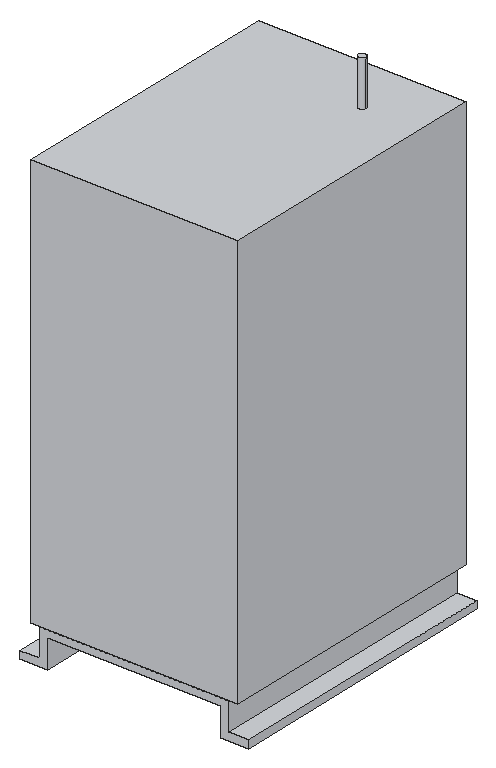
Revit family "M_Caldeira de condensação", category Equipamento mecânico, Revit 2019
Family settings
  Cota do conector redondo = Usar raio
  Tipo de parte = Normal
  Número OmniClass = 23.75.10.11.14.14
  Título OmniClass = Condensing Boilers
  ID de item do Seek = Condensing Boiler-0000-CAN-ENU
  Com base no plano de trabalho = Não
  Sempre na vertical = Sim
  Corte com vazios quando carregada = Não
  Compartilhado = Não
  Ponto de cálculo do ambiente = Não
Parameters (values of type "87 kW")
  Largura 1 = 190.5 mm
  Queda de pressão da água [instance] = 400000.0 Pa
  Fluxo da água [instance] = 2.0 L/s
  Raio da ventilação = 55 mm
  Diâmetro da ventilação = Raio da ventilação * 2  # 110 mm
  Altura da tubulação 2 = 908 mm
  Altura da tubulação 1 = 464 mm
  Comprimento 1 = 196.9 mm
  Raio da água quente = 25 mm
  Diâmetro da água quente = Raio da água quente * 2  # 50 mm
  Raio do gás = 12.5 mm
  Taxa de fluxo de gás = "0.2 kg/s"
  Diâmetro do gás = Raio do gás * 2  # 25 mm
  Altura do duto = 1356 mm
  Raio da água gelada = 25 mm
  Diâmetro da água gelada = Raio da água gelada * 2  # 50 mm
  Largura da caldeira = 959 mm
  Material do boiler = none
  Comprimento da caldeira = 699 mm
  Altura da caldeira = 1518 mm
  Assembly Code = ""
Types (6, lengths in mm): name | Largura 1 | Queda de pressão da água | Fluxo da água | Raio da ventilação | Diâmetro da ventilação | Altura da tubulação 2 | Altura da tubulação 1 | Raio da água quente | Diâmetro da água quente | Raio do gás | Taxa de fluxo de gás | Diâmetro do gás | Altura do duto | Raio da água gelada | Diâmetro da água gelada | Largura da caldeira | Comprimento da caldeira | Altura da caldeira
  145 kW | 190.5 | 400000.0 Pa | 2.0 L/s | 55 | 110 | 908 | 464 | 25 | 50 | 12.5 | "0.1 kg/s" | 25 | 1356 | 25 | 50 | 959 | 699 | 1518
  580 kW | 279.4 | 2000000.0 Pa | 6.6 L/s | 85 | 170 | 867 | 505 | 50 | 100 | 20 | "0.2 kg/s" | 40 | 1813 | 50 | 100 | 1397 | 854 | 2013
  218 kW | 190.5 | 800000.0 Pa | 2.6 L/s | 55 | 110 | 876 | 464 | 25 | 50 | 12.5 | "0.1 kg/s" | 25 | 1645 | 25 | 50 | 959 | 699 | 1896
  290 kW | 190.5 | 700000.0 Pa | 3.3 L/s | 55 | 110 | 876 | 464 | 32.5 | 65 | 10 | "0.1 kg/s" | 20 | 1645 | 32.5 | 65 | 959 | 699 | 1896
  406 kW | 254 | 650000.0 Pa | 4.2 L/s | 55 | 110 | 867 | 464 | 32.5 | 65 | 10 | "0.1 kg/s" | 20 | 1734 | 32.5 | 65 | 1270 | 854 | 2013
  87 kW | 190.5 | 400000.0 Pa | 2.0 L/s | 55 | 110 | 908 | 464 | 25 | 50 | 12.5 | "0.2 kg/s" | 25 | 1356 | 25 | 50 | 959 | 699 | 1518
Reference planes
  plane 1 "Centro (Frente/Trás)": y = 0
  plane 2: z = 0
  plane 3 "Centro (Esquerda/Direita)": x = 0
  plane 4: x = -768.85
  plane 5: y = 959
  plane 6: x = -34.925
  plane 7: x = -733.925
  plane 8: z = 120.65
  plane 9: z = 1518
  plane 10: z = 25.4
  plane 11: z = 95.25
  plane 12: x = -384.425
  plane 13: x = -676.775
  plane 14: x = -92.075
  plane 15: x = -702.175
  plane 16: x = -66.675
  plane 17: z = 464
  plane 18: z = 908
  plane 19: x = -581.525
  plane 20: z = 1356
  plane 21: y = 1035.2
  plane 22: x = -384.675
  plane 23: y = 768.5
  plane 24: x = -231.825
  plane 25: z = 1670.4
  plane 26: x = -439.675
  plane 27: x = -329.675
  plane 28: x = -556.525
  plane 29: x = -606.525
  plane 30: z = 171.45
Forms (mm)
  Extrusion 1, solid, material <- "Material do boiler"
    sketch origin (0, 0, 0) x (1, 0, 0) y (0, 1, 0)
      loop
        line (-733.925, 959) -> (-733.925, 0) -> (-34.925, 0) -> (-34.925, 959) -> (-733.925, 959)
    from 120.65 to 1518
  Extrusion 2, solid, material <- "Material do boiler"
    sketch origin (0, 0, 0) x (1, 0, 0) y (0, 0, 1)
      loop
        line (0, 25.4) -> (-66.675, 25.4) -> (-66.675, 120.65) -> (-702.175, 120.65) -> (-702.175, 25.4) -> (-768.85, 25.4) -> (-768.85, 0) -> (-676.775, 0) -> (-676.775, 95.25) -> (-92.075, 95.25) -> (-92.075, 0) -> (0, 0) -> (0, 25.4)
    from -959 to 0
  Extrusion 3, solid, material <- "Material do boiler"
    sketch origin (-121.691, 0, -8.383) x (1, 0, 0) y (0, 0, 1)
      loop
        circle (-459.834, 916.383) r 25
      loop
        circle (-459.834, 472.383) r 25
    from -1035.2 to -959
  Extrusion 4, solid, material <- "Material do boiler"
    sketch origin (0, 0, 0) x (1, 0, 0) y (0, 0, 1)
      loop
        circle (-384.675, 1356) r 55
    from -1035.2 to -959
  Extrusion 5, solid, material <- "Material do boiler"
    sketch origin (0, 0, 0) x (1, 0, 0) y (0, 1, 0)
      loop
        circle (-231.825, 768.5) r 12.5
    from 1518 to 1670.4
  Extrusion 6, solid, material <- "Material do boiler"
    sketch origin (0, 0, 0) x (1, 0, 0) y (0, 0, 1)
      loop
        circle (-384.425, 171.45) r 19.05
    from -1035.2 to -959
  Extrusion 7, solid
    sketch origin (0, 0, 0) x (0, 1, 0) y (0, 0, 1)
      loop
        line (832, 1365.6) -> (628.8, 1365.6) -> (628.8, 1111.6) -> (832, 1111.6) -> (832, 1365.6)
    from -768.85 to -733.925
  Extrusion 8, solid, material <- "Material do boiler", detail levels fine
    sketch origin (0, 0, 0) x (1, 0, 0) y (0, 0, 1)
      loop
        circle (-384.675, 1356) r 55
    from -1035.2 to -959
  Extrusion 9, solid, material <- "Material do boiler", detail levels fine
    sketch origin (0, 0, 0) x (1, 0, 0) y (0, 0, 1)
      loop
        circle (-581.525, 908) r 25
      loop
        circle (-581.525, 464) r 25
    from -1035.2 to -959
  Extrusion 10, solid, material <- "Material do boiler", detail levels fine
    sketch origin (0, 0, 0) x (1, 0, 0) y (0, 0, 1)
      loop
        circle (-384.425, 171.45) r 19.05
    from -1035.2 to -959
Cuts and joins
  joined: Extrusion 1, Extrusion 5
  joined: Extrusion 3, Extrusion 4, Extrusion 6
Lines and regions (mm)
  symbolic lines, detail levels fine
    curve 1: line (-606.525, 1035.2, 0) -> (-606.525, 959, 0)
    curve 2: line (-556.525, 1035.2, 0) -> (-556.525, 959, 0)
    curve 3: line (-439.675, 1035.2, 0) -> (-439.675, 959, 0)
    curve 4: line (-439.675, 1035.2, 0) -> (-329.675, 1035.2, 0)
    curve 5: line (-329.675, 1035.2, 0) -> (-329.675, 959, 0)
    curve 6: line (-606.525, 1035.2, 0) -> (-556.525, 1035.2, 0)
  symbolic lines, detail levels coarse+medium
    curve 7: line (-581.525, 1035.2, 0) -> (-581.525, 959, 0)
    curve 8: line (-384.675, 959, 0) -> (-384.675, 1035.2, 0)
Dimensions and locks
  "Largura da caldeira": plane 5 to plane 1 "Centro (Frente/Trás)"
  plane 6 to plane 3 "Centro (Esquerda/Direita)" = 34.925 mm
  plane 4 to plane 7 = 34.925 mm
  plane 8 to plane 2 = 120.65 mm
  "Altura da caldeira": level to plane 9
  level to plane 10 = 25.4 mm
  "Comprimento da caldeira": plane 7 to plane 6
  equal spacing: plane 3 "Centro (Esquerda/Direita)", plane 12, plane 4
  plane 13 to plane 4 = 92.075 mm
  plane 3 "Centro (Esquerda/Direita)" to plane 14 = 92.075 mm
  plane 16 to plane 14 = 25.4 mm
  plane 15 to plane 13 = 25.4 mm
  "Altura da tubulação 1": level to plane 17
  "Altura da tubulação 2": level to plane 18
  plane 7 to plane 19 = 152.4 mm
  "Altura do duto": level to plane 20
  plane 21 to plane 5 = 76.2 mm
  plane 22 to plane 7 = 349.25 mm
  "Largura 1": plane 5 to plane 23
  "Comprimento 1": plane 24 to plane 6
  plane 9 to plane 25 = 152.4 mm
  equal spacing: plane 26, plane 22, plane 27
  "Diâmetro da ventilação": plane 26 to plane 27
  equal spacing: plane 29, plane 19, plane 28
  "Diâmetro da água quente": plane 29 to plane 28
  locked: plane 30 to plane 8 at 50.8
  locked: plane 5 to Extrusion 7 sketch curve at 127
  locked: Extrusion 7 sketch curve to Extrusion 7 sketch curve at 203.2
  locked: plane 9 to Extrusion 7 sketch curve at 152.4
  locked: Extrusion 7 sketch curve to Extrusion 7 sketch curve at 254
  "Raio da água quente": radius of Extrusion 3 sketch curve
  "Raio da água gelada": radius of Extrusion 3 sketch curve
  "Raio da ventilação": radius of Extrusion 4 sketch curve
  "Raio do gás": radius of Extrusion 5 sketch curve
  radius of Extrusion 6 sketch curve = 19.05 mm
  "Raio da ventilação": radius of Extrusion 8 sketch curve
  "Raio da água gelada": radius of Extrusion 9 sketch curve
  "Raio da água quente": radius of Extrusion 9 sketch curve
  radius of Extrusion 10 sketch curve = 19.05 mm
  aligned and locked: plane 9 to Extrusion 1
  aligned and locked: Extrusion 1 to plane 8
  aligned and locked: plane 3 "Centro (Esquerda/Direita)" to Extrusion 2  (x2)
  aligned and locked: plane 10 to Extrusion 2  (x4)
  aligned and locked: Extrusion 2 to level  (x5)
  aligned and locked: Extrusion 2 to plane 11  (x2)
  aligned and locked: plane 8 to Extrusion 2  (x2)
  aligned and locked: plane 5 to Extrusion 2
  aligned and locked: plane 1 "Centro (Frente/Trás)" to Extrusion 2
  aligned and locked: Extrusion 1 to plane 7
  aligned and locked: plane 5 to Extrusion 1
  aligned and locked: plane 6 to Extrusion 1
  aligned and locked: plane 1 "Centro (Frente/Trás)" to Extrusion 1
  aligned and locked: Extrusion 2 to plane 4
  aligned and locked: plane 15 to Extrusion 2
  aligned and locked: Extrusion 2 to plane 13
  aligned and locked: Extrusion 2 to plane 14
  aligned and locked: plane 16 to Extrusion 2
  aligned and locked: plane 19 to Extrusion 3 sketch curve  (x2)
  aligned and locked: plane 18 to Extrusion 3 sketch curve
  aligned and locked: plane 17 to Extrusion 3 sketch curve
  aligned and locked: plane 21 to Extrusion 3
  aligned and locked: Extrusion 3 to plane 5
  aligned and locked: plane 20 to Extrusion 4 sketch curve
  aligned and locked: plane 22 to Extrusion 4 sketch curve
  aligned and locked: plane 21 to Extrusion 4
  aligned and locked: Extrusion 4 to plane 5
  aligned and locked: plane 23 to Extrusion 5 sketch curve
  aligned and locked: plane 24 to Extrusion 5 sketch curve
  aligned and locked: plane 25 to Extrusion 5
  aligned and locked: Extrusion 5 to plane 9
  aligned and locked: curve 4 to plane 21
  aligned and locked: curve 6 to plane 21
  aligned and locked: curve 5 to plane 27
  aligned and locked: plane 26 to curve 3
  aligned and locked: plane 28 to curve 2
  aligned and locked: plane 29 to curve 1
  aligned and locked: Extrusion 3 to plane 21
  aligned and locked: plane 19 to curve 7
  aligned and locked: plane 22 to curve 8
  aligned and locked: plane 12 to Extrusion 6 sketch curve
  aligned and locked: plane 30 to Extrusion 6 sketch curve
  aligned and locked: Extrusion 6 to plane 5
  aligned and locked: Extrusion 3 to Extrusion 6
  aligned and locked: plane 7 to Extrusion 7
  aligned and locked: Extrusion 7 to plane 4
  aligned and locked: plane 22 to Extrusion 8 sketch curve
  aligned and locked: plane 20 to Extrusion 8 sketch curve
  aligned and locked: plane 21 to Extrusion 8
  aligned and locked: Extrusion 8 to plane 5
  aligned and locked: plane 18 to Extrusion 9 sketch curve
  aligned and locked: plane 19 to Extrusion 9 sketch curve  (x2)
  aligned and locked: plane 17 to Extrusion 9 sketch curve
  aligned and locked: plane 21 to Extrusion 9
  aligned and locked: Extrusion 9 to plane 5
  aligned and locked: plane 12 to Extrusion 10 sketch curve
  aligned and locked: plane 30 to Extrusion 10 sketch curve
  aligned and locked: plane 21 to Extrusion 10
  aligned and locked: Extrusion 10 to plane 5
Automatic sketch dimensions
  plane 4 to Extrusion 1 sketch curve = 34.925 mm
  Extrusion 1 sketch curve to plane 1 "Centro (Frente/Trás)" = 0 mm
  Extrusion 1 sketch curve to plane 5 = 0 mm
  Extrusion 1 sketch curve to plane 6 = 0 mm
  Extrusion 2 sketch curve to level = 0 mm  (x2)
  Extrusion 2 sketch curve to plane 7 = 34.925 mm
  Extrusion 2 sketch curve to plane 8 = 0 mm
  Extrusion 2 sketch curve to plane 10 = 0 mm  (x2)
  Extrusion 2 sketch curve to plane 3 "Centro (Esquerda/Direita)" = 0 mm
  Extrusion 2 sketch curve to plane 11 = 0 mm
  plane 7 to Extrusion 2 sketch curve = 31.75 mm
  Extrusion 2 sketch curve to Extrusion 2 sketch curve = 25.4 mm
  Extrusion 2 sketch curve to plane 6 = 57.15 mm
  Extrusion 2 sketch curve to plane 6 = 31.75 mm
  curve 8 to plane 5 = 0 mm
  curve 1 to plane 5 = 0 mm
  curve 7 to plane 5 = 0 mm
  curve 2 to plane 5 = 0 mm
  curve 3 to plane 5 = 0 mm
  curve 5 to plane 5 = 0 mm
Connectors
  piping at (-581.525, 1035.2, 908), diameter 50, driven by "Raio da água quente", driven by "Fluxo da água", driven by "Queda de pressão da água"
    settings: on Extrusion 3, index 1, connector inside diameter 50 mm, connector length 0 mm, flow factor 0, pipe flow 2.0 L/s, pressure drop 400000.0 Pa, fitting loss kfactor 0, connector angle 0.00°, fixture units 0, engagement length 0 mm, angle of deflection 0.00°, flow configuration 0, flow direction 2, fitting loss method 4, system type 7, joint type 0, gender type 0, connector reference index 2, connector utility 0, adjustable connector no, is connector primary yes, connector description "Saída de água quente"
  piping at (-581.525, 1035.2, 464), diameter 50, driven by "Raio da água gelada", driven by "Fluxo da água"
    settings: on Extrusion 3, index 2, connector inside diameter 50 mm, connector length 0 mm, flow factor 0, pipe flow 2.0 L/s, pressure drop 0.0 Pa, fitting loss kfactor 0, connector angle 0.00°, fixture units 0, engagement length 0 mm, angle of deflection 0.00°, flow configuration 0, flow direction 1, fitting loss method 4, system type 8, joint type 0, gender type 0, connector reference index 1, connector utility 0, adjustable connector no, is connector primary no, connector description "Entrada de água gelada"
  piping at (-231.825, 768.5, 1670.4), diameter 25, driven by "Raio do gás"
    settings: on Extrusion 5, index 3, connector inside diameter 25 mm, connector length 0 mm, flow factor 0, pipe flow 0.0 L/s, pressure drop 0.0 Pa, fitting loss kfactor 0, connector angle 0.00°, fixture units 0, engagement length 0 mm, angle of deflection 0.00°, flow configuration 1, flow direction 1, fitting loss method 0, system type 22, joint type 0, gender type 0, connector reference index -1, connector utility 0, adjustable connector no, is connector primary no, connector description "Entrada de gás"
  hvac at (-384.675, 1035.2, 1356), driven by "Raio da ventilação"
    settings: on Extrusion 4, index 4, duct flow 0.0 L/s, flow factor 0, pres drop 0.0 Pa, loss coef 0, conn angle 0.00°, conn width 304.8 mm, conn height 304.8 mm, conn diameter 110 mm, duct sys type 3, conn prof type 0, flow config 1, flow direction 2, loss method 0, conn ref index -1, conn util no, is conn primary yes, conn desc ""
  piping at (-384.425, 1035.2, 171.45), diameter 50
    settings: on Extrusion 6, index 5, connector inside diameter 50 mm, connector length 0 mm, flow factor 0, pipe flow 0.0 L/s, pressure drop 0.0 Pa, fitting loss kfactor 0, connector angle 0.00°, fixture units 0, engagement length 0 mm, angle of deflection 0.00°, flow configuration 1, flow direction 2, fitting loss method 0, system type 16, joint type 0, gender type 0, connector reference index -1, connector utility 0, adjustable connector yes, is connector primary no, connector description "Saída da drenagem"
